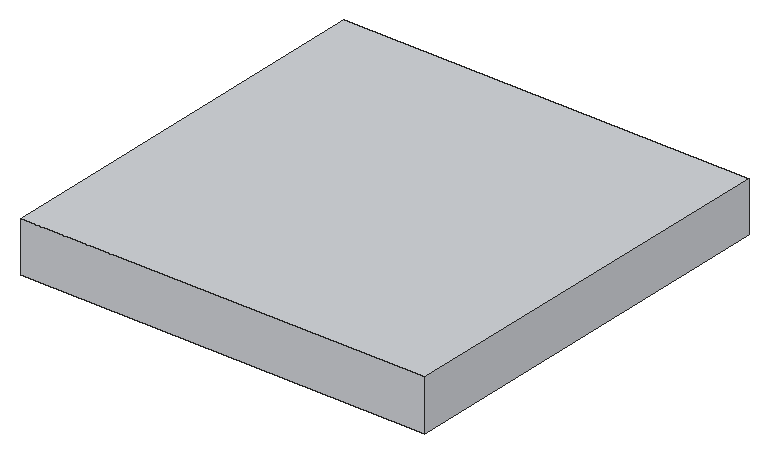
Revit family "05-2703-14-14", category Luminarias, Revit 2017
Family settings
  Anfitrión = Cara
  Cota de conector redondo = Diámetro de uso
  Tipo de pieza = Normal
  Número OmniClass = 23.80.70.00
  Título OmniClass = Lighting
  Corte con vacíos al cargar = No
  Origen de luz = No
  Compartido = Sí
  Punto de cálculo de habitación = No
Parameters (values of type "05-2703-14-14")
  Versión = "v1"
  Vatios (W) = 8.8
  Tipo de regulación = ""
  Tipo = "Aplique"
  Tender text (English) = "LEDS C4\nLia LED 250mm\n05-2703-14-14V1\n\nWall light for indoor use. \n\nFor frontal lighting and downlighting. Timeless design. Highly versatile, multiple installations. High performance W/effective lumens. Optimum price-performance. Easy instalation. High durability for intensive use. Structure material: Steel. Structure finish: White. Diffuser material: Polycarbonate. Diffuser finish: Opal. Warranty: 5 Years.\n\nProduct net weight (Kg): 0.680\nProduct width or diameter (mm): 250\nProduct height (mm): 50\nProduct aperture (mm): 80\n\nClass 2. Glow wire test: 960. IP: IP20. LED. No. of lampholders or LEDs: 18. LED brand: SEOUL. Driver brand: SELF. Maximum power of light source: 6.7W. Colour temperature: LED warm-white 3000K. Colour rendering index: 80. MacAdam Steps: 3. Maximum diameter of luminaire bulb: 50.000h L80B20. UGR:  12.2. Photobiological risk: RG0. Real flux (lm): 544. Nominal flux (lm): 630. Lm/Real W: 62. Voltage and frequency range: 100-240. Voltage: 3. Gear included: Yes, electronic. Multi-voltage gear included. Total power: 8.8. Power factor: 0.52."
  Tender text (Castellano) = "LEDS C4\nLia LED 250mm\n05-2703-14-14V1\n\nAplique de uso interior para iluminar frontalmente y hacia abajo. \n\nDiseño atemporal. Muy versátil. Múltiples instalaciones. Alto rendimiento W/lm reales. Òptimo precio-rendimiento. Fácil instalación. Alta durabilidad para uso intensivo. Material estructura: Acero. Acabado estructura: Blanco. Material difusor: Policarbonato. Acabado difusor: Opal. Garantía: 5 Años.\n\nPeso neto del producto (Kg): 0.680\nAnchura o diámetro del producto (mm): 250\nAltura del producto (mm): 50\nSalida del producto (mm): 80\n\nClase 2. Prueba hilo incandescente: 960. IP: IP20. LED. Nº de portalámparas o Leds: 18. Marca del LED: SEOUL. Marca del Driver: SELF. Potencia máxima de la fuente de luz: 6.7W. Temperatura de color: Blanco cálido - 3000K. Índice de reproducción cromática: 80. Steps Mac Adam: 3. Diámetro máximo de la bombilla que admite la luminaria: 50.000h L80B20. UGR:  12.2. Riesgo fotobiológico: RG0. Flujo real (lm): 544. Flujo nominal (lm): 630. Lm/W reales: 62. Rango de voltaje/frecuencia: 100-240. Voltaje: 3. Equipo incluido: Si, electrónico. Equipo multivoltaje incluido. Potencia total: 8.8. Factor de potencia: 0.52."
  Temperatura color led (K) = "Blanco cálido - 3000K"
  Referencia = "05-2703-14-14"
  Rayo de luz = "HORIZONTAL"
  Producto descatalogado = "Catalogado ES"
  Pluma comercial = "http://files.leds-c4.com/pl/05-2703-14-14V1.html"
  Peso neto (KG) = 0.68
  Material = "Acero, Policarbonato"
  Lumenes reales (lm) = 544
  LDT = "http://files.leds-c4.com/ldt/05-2703-14-14V1.html"
  Imagen web = "http://files.leds-c4.com/main-photo/05-2703-14-14V1"
  IfcExportType = "NOTDEFINED"
  IfcExportAs = "IfcLightFixture\r\nIfcLightFixture"
  IP = "IP20"
  IMC = "http://files.leds-c4.com/imc/05-2703-14-14V1.html"
  IK = ""
  Fuente de luz = "18xLED 6.7 630.00 lm"
  Fotometría = "http://files.leds-c4.com/fm/05-2703-14-14V1.html"
  Ficha = "http://files.leds-c4.com/ft/es/05-2703-14-14V1.html"
  FechaVersion = "Julio 2020"
  Familia = "Lia LED 250mm"
  Fabricante = "LEDS C4"
  Etiqueta V/f = "100-240V/50-60Hz"
  Elevación por defecto = 1000 mm
  Eficiencia energética = "LED A++"
  EAN13 = "8435381423872"
  DescripcionUniformat2010 = "Lighting"
  DescripcionUniclass2015 = "Lighting"
  DescripcionOmniclass = "Lighting"
  DescripcionGubimclass = "Iluminación interior"
  CodigoUniformat2010 = "D5040"
  CodigoUniclass2015 = "EF_70_80"
  CodigoOmniclass = "21-04 50 40"
  CodigoGubimclass = "50.60.50.20"
  Catálogo = "Decorative"
  Carga aparente = 0 VA
  CRI = 80
  Acabado = "Blanco, Opal"
Types (2, lengths in mm): name | Lumenes reales (lm) | CRI
  (no name) | 0 | 0
  05-2703-14-14 | 544 | 80
Values of the unnamed type that differ from the named types
  Vatios (W) = 0
  Tipo = ""
  Tender text (English) = ""
  Tender text (Castellano) = ""
  Temperatura color led (K) = ""
  Referencia = ""
  Rayo de luz = ""
  Producto descatalogado = ""
  Pluma comercial = ""
  Peso neto (KG) = 0
  Material = ""
  LDT = ""
  Imagen web = ""
  IP = ""
  IMC = ""
  Fuente de luz = ""
  Fotometría = ""
  Ficha = ""
  Familia = ""
  Etiqueta V/f = ""
  Eficiencia energética = ""
  EAN13 = ""
  Catálogo = ""
  Acabado = ""
Reference planes
  plane 1 "Centro (Frontal/Posterior)": y = 0
  plane 2: z = 0
  plane 3 "Centro (Izquierda/Derecha)": x = 0
  plane 4 "Elevación de origen de luz": z = 0
  plane 5 "Eje de origen de luz (F/P)": y = 0
  plane 6 "Eje de origen de luz (I/D)": x = 0
Forms (mm)
  Extrusion 1, solid
    sketch origin (0, 0, 0) x (1, 0, 0) y (0, 1, 0)
      loop
        line (-1219.2, 1219.2) -> (-1219.2, -1219.2) -> (1219.2, -1219.2) -> (1219.2, 1219.2) -> (-1219.2, 1219.2)
    from 0 to -304.8
Dimensions and locks
  aligned and locked: plane 2 to Extrusion 1
  aligned and locked: level to Extrusion 1
Nested families
  nested 1: "Luz anidada" at (-0.655, 0, 63.237), type "Tipo1"
Connectors
  electrical at (0, 0, 0)
    settings: on Extrusion 1, index 1, voltage 0 V, apparent load 0 VA, apparent load phase1 0 VA, apparent load phase2 0 VA, apparent load phase3 0 VA, power factor 1, load classification "Otro", number of poles 1, system type 31, power factor state 1, is connector primary yes, connector utility no, sub classification motor no, connector description ""
Definition of nested family "Luz anidada"
  Parameters (values of type "Tipo1")
    Tilt Angle = 90.00°
    Wattage = 8.8 W
    Tipo de regulación = ""
    Tipo = ""
    Tender text = ""
    built-in parameter 1150110 = 1 (stored number, unit not read)
    Pluma comercial = ""
    Material = ""
    Imagen = ""
    IP = ""
    IMC = ""
    IK = ""
    Fotometría = ""
    Ficha = ""
    Familia = ""
    Estado en catálogo = ""
    Peso neto = ""
    Lamp = ""
    built-in parameter 1114217 = 1 (stored number, unit not read)
    built-in parameter 1150109 = 1 (stored number, unit not read)
    Etiqueta vf = ""
    Eficiencia energética = ""
    EAN13 = ""
    built-in parameter 1150134 = (empty or 0)
    built-in parameter 1150113 = 1 (stored number, unit not read)
    Lumens = 2391 lm
    built-in parameter 1150115 = 1 (stored number, unit not read)
    built-in parameter 1150105 = 109.82 (stored number, unit not read)
    built-in parameter 1150137 = (empty or 0)
    built-in parameter 1150139 = (empty or 0)
    built-in parameter 1150112 = 1 (stored number, unit not read)
    built-in parameter 1150114 = 1 (stored number, unit not read)
    built-in parameter 1150132 = (empty or 0)
    built-in parameter 1150102 = (empty or 0)
    built-in parameter 1150138 = (empty or 0)
    built-in parameter 1150107 = 3000 (stored number, unit not read)
    built-in parameter 1150106 = 1.0982 (stored number, unit not read)
    built-in parameter 1150104 = 5.7431 (stored number, unit not read)
    Catálogo = ""
    Dimming Lamp Color Temperature Shift = (empty or 0)
    Color Filter = 16777215
    built-in parameter 1114218 = 1 (stored number, unit not read)
    CRI = 0
    Photometric Web File = "05-2703-14-14.ies"
    Acabado = ""
    built-in parameter 1150133 = 10 (stored number, unit not read)
  Values of the unnamed type that differ from the named types
    Wattage = 53.5 W
    built-in parameter 1150104 = 4.2371 (stored number, unit not read)
  Reference planes
    plane 1 "Eje de origen de luz (F/P)": y = 0
    plane 2: z = 0
    plane 3 "Eje de origen de luz (I/D)": x = 0
    plane 4 "Elevación de origen de luz": z = 0
  Dimensions and locks
    aligned and locked: plane 3 "Eje de origen de luz (I/D)" to imposter light
    aligned and locked: plane 1 "Eje de origen de luz (F/P)" to imposter light
    aligned and locked: plane 4 "Elevación de origen de luz" to imposter light
    aligned and locked: level to plane 2
